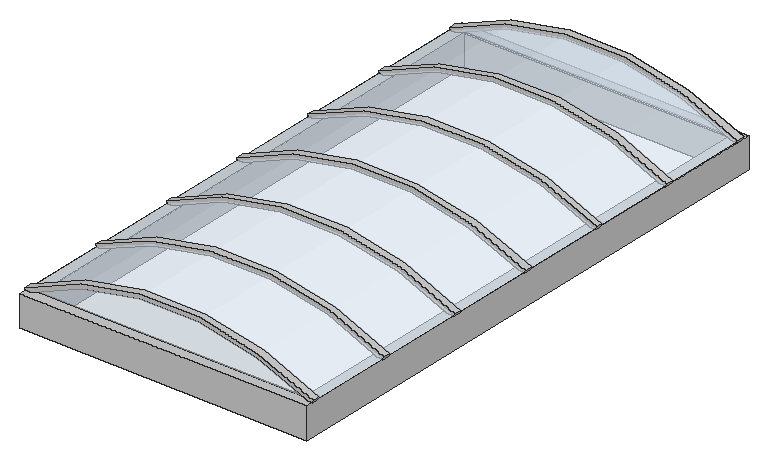
Revit family "48PM_Win_Skylight_Arc", category Windows, host Roof, Revit 2022
Family settings
  Host = Roof
  Always vertical = No
  Cut with Voids When Loaded = No
  Shared = No
  Room Calculation Point = Yes
Parameters (values of type "SK-06 3000x6000")
  Width = 3000 mm
  Type Comments = "SKYLIGHTS WITH POLYCARBONATE INFILL"
  Sill Material = PM_Doors_Metal_Handles
  Rough Width = Width  # 3000 mm
  Rough Height = Height  # 6000 mm
  RL_Mullion_No = Length / 1000 mm + 1  # 7
  Number of Side Vent Modules = 1
  Number of Center Vent Modules = 2
  Module Width = Length / (RL_Mullion_No - 1)  # 1000 mm
  Model = "PROLIGHT"
  Manufacturer = "MERCOR"
  MP_Ventilation = no
  MP_Type Mark = "SK-03"
  MP_Smoke release = "NIE DOTYCZY / N.A."
  MP_Remarks = "PODSTAWA: zaizolowana termicznie wełną mineralną o grubości 5,0cm / BASE: thermally insulated 5,0cm thick mineral wool"
  MP_Reaction to fire_class = "Broof(t1)"
  MP_Mounting = "Do podkonstrukcji stalowej / to subconstruction"
  MP_Infill = "Wypełnienie wielowarstwowe: płyta PCA16 + NRO + PP + płyta PCA10 / Multi course glazing: PCA10 + non-spreading fire band + PP + PCA10"
  MP_Fall protection = "Siatka od spodu i punkty asekuracji wg specyfikacji / mesh from bottom and fixed safety pots on roof acc. to spec."
  MP_Equipment = "NIE DOTYCZY / N.A."
  MP_Description = ""
  MP_Count = 1
  MP_Base type = "PIONOWA / STRAIGHT"
  MP_Base material = "Blacha stalowa ocynkowana, malowana od wewnątrz na kolor RAL9010(Reinweiss) / Galvanized steel sheet, painted inside in RAL9010 (Reinweiss)"
  MP_Base height = 750 mm
  MP_Aeration = "NIE DOTYCZY / N.A."
  MP_Acz_text = "NIE DOTYCZY / N.A."
  MP_Actuator type = "NIE DOTYCZY / N.A."
  Length = 6000 mm
  Legend_vis = no
  Keynote = "A15"
  Invisible Line Length [instance] = 5000 mm
  Height = Length  # 6000 mm
  Glass Material = PM_Glass_Ext_Skylight
  Front Vent Visibility = no
  Frame Material = PM_Doors_Metal_Handles
  Dimention Side Ventilation = Module Width * Number of Side Vent Modules  # 1000 mm
  Dimention Center Ventilation = Module Width * Number of Center Vent Modules  # 2000 mm
  Description = "ŚWIETLIKI DACHOWE Z WYPEŁNIENIEM Z POLIWĘGLANU"
  Define Thermal Properties by = Schematic Type
  Cost Zone = ""
  Construction Type = "Skylight Aluminium"
  Center Vent Visibility = no
  Cell width [instance] = 120 mm
  Back Vent Visibility = no
  Assembly Code = "A15"
  ArcRadius = 2800 mm
  ArcLength = 2240 mm
  Angle Slope = 30.00°
  Analytic Construction = "<None>"
  48PM_U Value Text = "0.93 W/(m²·K)"
  48PM_U Value = 1.0000 W/(m²·K)
  48PM_SD_Zone = "SD-K6"
  48PM_Acz = 0.00 m²
Types (6, lengths in mm): name | Width | Rough Width | Rough Height | RL_Mullion_No | Module Width | MP_Type Mark | MP_Acz_text | Length | Height | Dimention Side Ventilation | Dimention Center Ventilation | ArcRadius | 48PM_SD_Zone
  SK-04 2400x3600 | 2400 | 2400 | 3600 | 5 | 900 | "SK-04" | "" | 3600 | 3600 | 900 | 1800 | 2400 | "SD-K4"
  SK-03 2800x8000 | 2800 | 2800 | 8000 | 9 | 1000 | "SK-03" | "" | 8000 | 8000 | 1000 | 2000 | 2800 | "SD-K3"
  SK-01 3600x13200 | 3600 | 3600 | 13200 | 14 | 1015.385 | "SK-03" | "" | 13200 | 13200 | 1015.385 | 2030.769 | 3600 | "SD-K1"
  SK-02 3600x6000 | 3600 | 3600 | 6000 | 7 | 1000 | "SK-02" | "" | 6000 | 6000 | 1000 | 2000 | 3600 | "SD-K2"
  SK-06 3000x6000 | 3000 | 3000 | 6000 | 7 | 1000 | "SK-03" | "NIE DOTYCZY / N.A." | 6000 | 6000 | 1000 | 2000 | 2800 | "SD-K6"
  SK-05 2800x7000 | 2800 | 2800 | 7000 | 8 | 1000 | "SK-03" | "" | 7000 | 7000 | 1000 | 2000 | 2800 | "SD-K5"
Reference planes
  plane 1 "Center (Front/Back)": y = 0
  plane 2 "Roof": z = 4000
  plane 3 "Center (Left/Right)": x = 0
  plane 4 "FrontGlass": y = -3000
  plane 5 "RearGlass": y = 3000
  plane 6: z = 4735
  plane 7: x = -1500
  plane 8: x = 1500
  plane 9: x = -1620
  plane 10: x = 1620
  plane 11: y = 2000
  plane 12: y = -2000
  plane 13: x = -1450
  plane 14: x = 1450
  plane 15: y = 2050
  plane 16: y = 2950
  plane 17: y = -2050
  plane 18: y = -2950
  plane 19: y = 1000
  plane 20: y = -1000
  plane 21: y = -950
  plane 22: y = 950
  plane 23 "Plaszczyzna symboli": z = 5235
  plane 24 "2": y = -4200
  plane 25: x = 0
Forms (mm)
  Sweep 1, solid, material "PM_Doors_Metal_Handles" <- "Sill Material"
    path origin (0, 0, 4000) x (1, 0, 0) y (0, 1, 0)
      loop
        line (1500, 3000) -> (-1500, 3000) -> (-1500, -3000) -> (1500, -3000) -> (1500, 3000)
    profile origin (1500, 0, 4000) x (1, 0, 0) y (0, 0, 1)
      loop
        line (0, 385) -> (120, 385) -> (120, 735) -> (0, 735) -> (0, 385)
  Sweep 2, solid, material "PM_Glass_Ext_Skylight" <- "Glass Material"
    path origin (0, 0, 0) x (1, 0, 0) y (0, 0, 1)
      loop
        arc (-1620, 4735) -> (0, 5125.214) -> (1620, 4735) r 3557.88
    profile origin (0, 0, 5125.214) x (0, 0, 1) y (0, -1, 0)
      loop
        line (0, -3000) -> (0, 3000) -> (-15, 3000) -> (-15, -3000) -> (0, -3000)
  Extrusion 3, solid, material "PM_Glass_Ext_Skylight" <- "Glass Material"
    sketch origin (0, 3000, 0) x (0, 0, -1) y (-1, 0, 0)
      loop
        arc (-4735, 1620) -> (-5125.214, 0) -> (-4735, -1620) r 3557.88
        line (-4735, -1620) -> (-4735, 1620)
    from 0 to 15
  Extrusion 4, solid, material "PM_Glass_Ext_Skylight" <- "Glass Material"
    sketch origin (-5800, -3000, 5200) x (-1, 0, 0) y (0, 0, 1)
      loop
        arc (-4180, -465) -> (-5800, -74.786) -> (-7420, -465) r 3557.88
        line (-7420, -465) -> (-4180, -465)
    from 0 to -15
Lines and regions (mm)
  Opening 1
    outline origin (0, 0, 4385) x (0, 1, 0) y (-1, 0, 0)
      loop
        line (3000, 1500) -> (-3000, 1500) -> (-3000, -1500) -> (3000, -1500) -> (3000, 1500)
  model lines, style "WindowsOpeningProjection"
    curve 1: line (1500, -3000, 4000) -> (-1500, -3000, 4000)
    curve 2: line (1500, 3000, 4000) -> (1500, -3000, 4000)
    curve 3: line (-1500, 3000, 4000) -> (1500, 3000, 4000)
    curve 4: line (-1500, -3000, 4000) -> (-1500, 3000, 4000)
    curve 5: line (-1500, -3000, 4000) -> (1500, 3000, 4000)
    curve 6: line (-1500, 3000, 4000) -> (1500, -3000, 4000)
  model lines, style "InvisibleLines"
    curve 7: line (0, 0, 4000) -> (0, 0, -1000)
  model lines, style "Skylight Ventilation", visible <- "Back Vent Visibility"
    curve 8: line (-1450, 2950, 5235) -> (1450, 2050, 5235)
    curve 9: line (1450, 2950, 5235) -> (-1450, 2050, 5235)
    curve 10: line (-1450, 2950, 5235) -> (1450, 2950, 5235)
    curve 11: line (1450, 2050, 5235) -> (1450, 2950, 5235)
    curve 12: line (-1450, 2050, 5235) -> (1450, 2050, 5235)
    curve 13: line (-1450, 2050, 5235) -> (-1450, 2950, 5235)
  model lines, style "Skylight Ventilation", visible <- "Front Vent Visibility"
    curve 14: line (-1450, -2950, 5235) -> (1450, -2050, 5235)
    curve 15: line (1450, -2950, 5235) -> (-1450, -2050, 5235)
    curve 16: line (-1450, -2950, 5235) -> (1450, -2950, 5235)
    curve 17: line (1450, -2050, 5235) -> (1450, -2950, 5235)
    curve 18: line (-1450, -2050, 5235) -> (1450, -2050, 5235)
    curve 19: line (-1450, -2050, 5235) -> (-1450, -2950, 5235)
  model lines, style "Skylight Ventilation", visible <- "Center Vent Visibility"
    curve 20: line (-1450, 950, 5235) -> (1450, 950, 5235)
    curve 21: line (-1450, -950, 5235) -> (-1450, 950, 5235)
    curve 22: line (-1450, -950, 5235) -> (1450, -950, 5235)
    curve 23: line (1450, -950, 5235) -> (1450, 950, 5235)
    curve 24: line (-1450, 950, 5235) -> (1450, -950, 5235)
    curve 25: line (1450, 950, 5235) -> (-1450, -950, 5235)
Dimensions and locks
  equal spacing: host sketch curve, plane 3 "Center (Left/Right)", host sketch curve
  equal spacing: host sketch curve, plane 1 "Center (Front/Back)", host sketch curve
  host roof to host roof = 385 mm
  "Length": Sweep 2 sketch curve to Sweep 2 sketch curve
  equal spacing: Sweep 2 sketch curve, plane 1 "Center (Front/Back)", Sweep 2 sketch curve
  plane 1 "Center (Front/Back)" to plane 4 "FrontGlass" = 3000 mm
  plane 5 "RearGlass" to plane 1 "Center (Front/Back)" = 3000 mm
  Extrusion 3 to plane 5 "RearGlass" = 15 mm
  locked: plane 6 to host roof at 350
  equal spacing: plane 7, plane 3 "Center (Left/Right)", plane 8
  "Width": plane 7 to plane 8
  locked: plane 10 to plane 8 at 120
  locked: plane 9 to plane 7 at 120
  "Length": plane 5 "RearGlass" to plane 4 "FrontGlass"
  equal spacing: plane 5 "RearGlass", plane 1 "Center (Front/Back)", plane 4 "FrontGlass"
  equal spacing: group 1, group 3, group 4, group 5, group 6, group 7, group 2  (x3)
  "Invisible Line Length": curve 7 to curve 7
  "Dimention Side Ventilation": plane 5 "RearGlass" to plane 11
  "Dimention Side Ventilation": plane 12 to plane 4 "FrontGlass"
  locked: plane 7 to plane 13 at 50
  locked: plane 14 to plane 8 at 50
  locked: plane 5 "RearGlass" to plane 16 at 50
  locked: plane 15 to plane 11 at 50
  locked: plane 12 to plane 17 at 50
  locked: plane 4 "FrontGlass" to plane 18 at 50
  locked: plane 19 to plane 22 at 50
  locked: plane 21 to plane 20 at 50
  equal spacing: plane 19, plane 1 "Center (Front/Back)", plane 20
  "Dimention Center Ventilation": plane 19 to plane 20
  plane 23 "Plaszczyzna symboli" to plane 6 = 500 mm
  locked: plane 4 "FrontGlass" to plane 24 "2" at 1200
  aligned and locked: level to plane 2 "Roof"
  aligned and locked: Sweep 1 sketch curve to plane 5 "RearGlass"
  aligned and locked: Sweep 1 sketch curve to plane 4 "FrontGlass"
  aligned and locked: plane 3 "Center (Left/Right)" to nested 1
  aligned and locked: nested 1 to plane 4 "FrontGlass"
  aligned and locked: nested 2 to plane 5 "RearGlass"
  aligned and locked: curve 1 to Sweep 1
  aligned and locked: curve 2 to Sweep 1
  aligned and locked: curve 3 to Sweep 1
  aligned and locked: curve 4 to Sweep 1
  aligned and locked: curve 7 to plane 1 "Center (Front/Back)"
  aligned and locked: curve 7 to plane 3 "Center (Left/Right)"
  aligned and locked: plane 2 "Roof" to curve 7
  aligned and locked: plane 6 to nested 2
  aligned and locked: plane 6 to nested 1
  aligned and locked: plane 14 to curve 9
  aligned and locked: plane 13 to curve 8
  aligned and locked: curve 10 to plane 16
  aligned and locked: curve 11 to plane 14
  aligned and locked: curve 12 to plane 15
  aligned and locked: curve 13 to plane 13
  aligned and locked: plane 17 to curve 18
  aligned and locked: plane 14 to curve 17
  aligned and locked: plane 13 to curve 19
  aligned and locked: plane 18 to curve 16
  aligned and locked: curve 20 to plane 22
  aligned and locked: curve 21 to plane 13
  aligned and locked: curve 22 to plane 21
  aligned and locked: curve 23 to plane 14
  aligned and locked: Extrusion 4 sketch curve to Sweep 2
  aligned and locked: host roof to Sweep 1 sketch curve
  aligned and locked: Opening 1 sketch curve to plane 5 "RearGlass"
  aligned and locked: Opening 1 sketch curve to plane 4 "FrontGlass"
  aligned and locked: Opening 1 sketch curve to plane 7
  aligned and locked: plane 8 to Opening 1 sketch curve
  aligned and locked: nested 6 to plane 24 "2"
  aligned and locked: nested 6 to plane 3 "Center (Left/Right)"
Automatic sketch dimensions
  Sweep 1 sketch curve to plane 7 = 0 mm
  Sweep 1 sketch curve to plane 8 = 0 mm
  Sweep 2 sketch curve to plane 6 = 0 mm  (x2)
  plane 9 to Sweep 2 sketch curve = 0 mm
  Sweep 2 sketch curve to plane 3 "Center (Left/Right)" = 0 mm
  level to Sweep 2 sketch curve = 1567.334 mm
  Extrusion 4 sketch curve to plane 6 = 0 mm
  level to Extrusion 3 sketch curve = 1567.334 mm
  Extrusion 3 sketch curve to plane 6 = 0 mm
  plane 10 to Extrusion 3 sketch curve = 0 mm
  Extrusion 3 sketch curve to plane 3 "Center (Left/Right)" = 0 mm
  profile plane to Sweep 1 sketch curve = 0 mm
  Sweep 1 sketch curve to profile plane = 120 mm
  Sweep 1 sketch curve to Sweep 1 sketch curve = 350 mm
  profile plane to Sweep 2 sketch curve = 0 mm
  Sweep 2 sketch curve to Sweep 2 sketch curve = 15 mm
Nested families
  nested 1: "Mullion" at (53.538, -3000, 0), type "Mullion"
  nested 2: "Mullion" at (53.538, 3000, 0), type "Mullion"
  nested 3: "Mullion" at (53.538, -2000, 0), type "Mullion"
  nested 4: "Mullion" at (53.538, -1000, 0), type "Mullion"
  nested 5: "Mullion" at (53.538, 0, 0), type "Mullion"
  nested 6: "MP_Windows_legend" at (0, -4200, 4000), Legend_vis <- "Legend_vis", Cell width <- "Cell width", MP_Count <- "MP_Count", type "MP_Windows_legend"
    with MP_Count 1, Legend_vis no, Cell width 120 mm
  nested 7: "Mullion" at (53.538, 1000, 0), type "Mullion"
  nested 8: "Mullion" at (53.538, 2000, 0), type "Mullion"
Definition of nested family "Mullion"
  Parameters (values of type "Mullion")
    Width = 3000 mm
    PM - Mullion Material = none
    Arc Radius = 3451.233 mm
    Analytic Construction = "<None>"
  Reference planes
    plane 1: y = 0
    plane 2: x = -53.538
    plane 3: x = -1553.538
    plane 4: x = 1446.462
    plane 5: x = -53.538
    plane 6: z = 4400
    plane 7: z = 4000
    plane 8: z = 4735
    plane 9: x = -1673.538
    plane 10: x = 1566.462
  Forms (mm)
    Sweep 1, solid, material <- "PM - Mullion Material"
      path origin (-1524, 0, 0) x (1, 0, 0) y (0, 0, 1)
        loop
          arc (-149.538, 4735) -> (1470.462, 5138.839) -> (3090.462, 4735) r 3451.233
      profile origin (-53.538, 0, 5138.839) x (0, 0, 1) y (0, -1, 0)
        loop
          line (25, 40) -> (-25, 40) -> (-25, -40) -> (25, -40) -> (25, 40)
  Lines and regions (mm)
    reference lines
      curve 1: arc (-1673.538, 0, 4735) -> (-53.538, 0, 5138.839) -> (1566.462, 0, 4735) r 3451.233
  Dimensions and locks
    "Width": plane 4 to plane 3
    locked: plane 3 to plane 9 at 120
    locked: plane 10 to plane 4 at 120
    equal spacing: plane 4, plane 2, plane 3
    "Arc Radius": radius of curve 1
    aligned and locked: Sweep 1 sketch curve to curve 1
    aligned and locked: plane 9 to curve 1
    aligned and locked: plane 8 to curve 1  (x2)
    aligned and locked: plane 10 to curve 1
  Automatic sketch dimensions
    Sweep 1 sketch curve to plane 8 = 0 mm  (x2)
    profile plane to Sweep 1 sketch curve = 25 mm
    Sweep 1 sketch curve to profile plane = 25 mm
    Sweep 1 sketch curve to plane 1 = 40 mm
    plane 1 to Sweep 1 sketch curve = 40 mm
Definition of nested family "MP_Windows_legend"
  Parameters (values of type "MP_Windows_legend")
    _Width = 3000 mm
    _Height = 6000 mm
    MP_Ventilation = no
    MP_Type comments = "SKYLIGHTS WITH POLYCARBONATE INFILL"
    MP_Type Mark = "SK-03"
    MP_Smoke release = "NIE DOTYCZY / N.A."
    MP_Remarks = "PODSTAWA: zaizolowana termicznie wełną mineralną o grubości 5,0cm / BASE: thermally insulated 5,0cm thick mineral wool"
    MP_Reaction to fire_class = "Broof(t1)"
    MP_Mounting = "Do podkonstrukcji stalowej / to subconstruction"
    MP_Model = "PROLIGHT"
    MP_Manufacturer = "MERCOR"
    MP_Infill = "Wypełnienie wielowarstwowe: płyta PCA16 + NRO + PP + płyta PCA10 / Multi course glazing: PCA10 + non-spreading fire band + PP + PCA10"
    MP_Fall protection = "Siatka od spodu i punkty asekuracji wg specyfikacji / mesh from bottom and fixed safety pots on roof acc. to spec."
    MP_Equipment = "NIE DOTYCZY / N.A."
    MP_Design Stage = ""
    MP_Description_ = "ŚWIETLIKI DACHOWE Z WYPEŁNIENIEM Z POLIWĘGLANU"
    MP_Description = ""
    MP_Count [instance] = 0
    MP_Base type = "PIONOWA / STRAIGHT"
    MP_Base material = "Blacha stalowa ocynkowana, malowana od wewnątrz na kolor RAL9010(Reinweiss) / Galvanized steel sheet, painted inside in RAL9010 (Reinweiss)"
    MP_Base height = 750 mm
    MP_Aeration = "NIE DOTYCZY / N.A."
    MP_Acz_text = ""
    MP_Actuator type = "NIE DOTYCZY / N.A."
    Legend_vis [instance] = no
    Cost Zone = ""
    Cell width [instance] = 120 mm
    48PM_U Value Text = "0.93 W/(m²·K)"
    48PM_SD_Zone = "SD-K6"
    48PM_Acz = 0.00 m²
  Reference planes
    plane 1: y = 0
    plane 2: x = 0
  Lines and regions (mm)
    detail lines
      curve 1: line (-60, 0, 0) -> (60, 0, 0)
      curve 2: line (-60, -12, 0) -> (60, -12, 0)
      curve 3: line (-60, -12, 0) -> (-60, 0, 0)
      curve 4: line (60, 0, 0) -> (60, -12, 0)
      curve 5: line (-60, -24, 0) -> (60, -24, 0)
      curve 6: line (-60, -24, 0) -> (-60, -12, 0)
      curve 7: line (60, -12, 0) -> (60, -24, 0)
      curve 8: line (-60, -66, 0) -> (60, -66, 0)
      curve 9: line (-60, -66, 0) -> (-60, -24, 0)
      curve 10: line (60, -24, 0) -> (60, -66, 0)
      curve 11: line (-60, -92.8, 0) -> (60, -92.8, 0)
      curve 12: line (-60, -92.8, 0) -> (-60, -66, 0)
      curve 13: line (60, -66, 0) -> (60, -92.8, 0)
      curve 14: line (-60, -107.6, 0) -> (60, -107.6, 0)
      curve 15: line (-60, -107.6, 0) -> (-60, -92.8, 0)
      curve 16: line (60, -92.8, 0) -> (60, -107.6, 0)
      curve 17: line (-60, -131.6, 0) -> (60, -131.6, 0)
      curve 18: line (-60, -131.6, 0) -> (-60, -107.6, 0)
      curve 19: line (60, -107.6, 0) -> (60, -131.6, 0)
      curve 20: line (-60, -155.6, 0) -> (60, -155.6, 0)
      curve 21: line (-60, -155.6, 0) -> (-60, -131.6, 0)
      curve 22: line (60, -131.6, 0) -> (60, -155.6, 0)
      curve 23: line (-60, -197.6, 0) -> (60, -197.6, 0)
      curve 24: line (-60, -197.6, 0) -> (-60, -155.6, 0)
      curve 25: line (60, -155.6, 0) -> (60, -197.6, 0)
      curve 26: line (-60, -209.6, 0) -> (60, -209.6, 0)
      curve 27: line (-60, -209.6, 0) -> (-60, -197.6, 0)
      curve 28: line (60, -197.6, 0) -> (60, -209.6, 0)
      curve 29: line (-60, -256.6, 0) -> (60, -256.6, 0)
      curve 30: line (-60, -256.6, 0) -> (-60, -209.6, 0)
      curve 31: line (60, -209.6, 0) -> (60, -256.6, 0)
      curve 32: line (-60, -268.6, 0) -> (60, -268.6, 0)
      curve 33: line (-60, -268.6, 0) -> (-60, -256.6, 0)
      curve 34: line (60, -256.6, 0) -> (60, -268.6, 0)
      curve 35: line (-60, -280.6, 0) -> (60, -280.6, 0)
      curve 36: line (-60, -280.6, 0) -> (-60, -268.6, 0)
      curve 37: line (60, -268.6, 0) -> (60, -280.6, 0)
      curve 38: line (-60, -299.6, 0) -> (60, -299.6, 0)
      curve 39: line (-60, -299.6, 0) -> (-60, -280.6, 0)
      curve 40: line (60, -280.6, 0) -> (60, -299.6, 0)
      curve 41: line (-60, -78, 0) -> (60, -78, 0)
      curve 42: line (-60, -239.6, 0) -> (60, -239.6, 0)
      curve 43: line (-60, -227.6, 0) -> (60, -227.6, 0)
      curve 44: line (-60, -42, 0) -> (60, -42, 0)
      curve 45: line (-60, -54, 0) -> (60, -54, 0)
  Text (mm)
    label "1500 x  2000" at (1.358, -18.209, 0), shows "_Width", "_Height"
    label "NIE DOTYCZY / N.A." at (1.358, -33.118, 0), shows "MP_Acz_text"
    label "1.1000" at (1.358, -71.959, 0), shows "48PM_U Value Text"
    label "fnwevouwergvdnsithnfgjv jasdnhwaglvbdebsjahbgbnvjkdsbnfcsevbretgazehb weatzgh" at (1.358, -283.179, 0), shows "MP_Remarks"
    label "MP_Manufacturer" at (1.358, -262.472, 0), shows "MP_Manufacturer"
    label "MP_Model" at (1.358, -274.91, 0), shows "MP_Model"
    text "\t\tILOŚĆ / AMOUNT" at (-68.871, -5.699, 0), not visible
    text "CLEAR DIMENSION (WxL) / WYMIAR W ŚWIETLE (mm)" at (-68.871, -18.209, 0), not visible
    text "POWIERZCHNIA CZYNNA ODDYMIANIA Acz / ACTIVE EXHAUST AREA Acz (m2)" at (-68.871, -32.084, 0), not visible
    text "IZOLACYJNOŚĆ TERMICZNA / U VALUE" at (-68.871, -72.084, 0), not visible
    text "WYSOKOŚĆ PODSTAWY / BASE HEIGHT (mm)" at (-68.871, -100.764, 0), not visible
    text "MATERIAŁ PODSTAWY /   BASE MATERIAL" at (-68.871, -118.419, 0), not visible
    text "KLASA REAKCJI NA OGIEŃ (zgodnie z PN - EN 13501-1) / REACTION TO FIRE TEST CLASSIFICATION" at (-68.871, -144.799, 0), not visible
    text "WYPEŁNIENIE / INFILL" at (-68.871, -162.111, 0), not visible
    text "MOCOWANIE / MOUNTING" at (-68.871, -203.299, 0), not visible
    text "ZABIEZPIECZENIE PRZED UPADKIEM / FALL PROTECTION" at (-68.871, -247.424, 0), not visible
    text "PRODUCENT / MANUFACTURER" at (-68.871, -261.674, 0), not visible
    text "MODEL / MODEL" at (-68.871, -273.967, 0), not visible
    text "UWAGI/ REMARKS" at (-68.871, -287.549, 0), not visible
    text "TYP PODSTAWY / BASE TYPE" at (-68.871, -85.339, 0), not visible
    text "TYP SIŁOWNIKA / ACTUATOR TYPE" at (-68.871, -217.799, 0), not visible
    text "WYPOSAŻENIE / EQUIPMENT" at (-68.871, -233.299, 0), not visible
    label "MP_Smoke release" at (1.358, -47.959, 0), shows "MP_Smoke release"
    text "WYZWALANIE ODDYMIANIA / SMOKE RELEASE" at (-68.871, -48.084, 0), not visible
    label "MP_Ventilation" at (1.358, -59.959, 0), shows "MP_Ventilation"
    text "FUNKCJA PRZEWIETRZANIA / VENTILATION" at (-68.871, -60.084, 0), not visible
    label "MP_Base type" at (1.358, -85.209, 0), shows "MP_Base type"
    label "MP_Base height" at (1.358, -100.009, 0), shows "MP_Base height"
    label "MP_Base material" at (1.358, -111.179, 0), shows "MP_Base material"
    label "MP_Reaction to fire_class" at (1.358, -133.929, 0), shows "MP_Reaction to fire_class"
    label "MP_Infill" at (1.358, -157.929, 0), shows "MP_Infill"
    label "MP_Mounting" at (1.358, -203.559, 0), shows "MP_Mounting"
    label "MP_Actuator type" at (1.358, -211.929, 0), shows "MP_Actuator type"
    label "MP_Equipment" at (1.358, -233.559, 0), shows "MP_Equipment"
    label "MP_Fall protection" at (1.358, -248.059, 0), shows "MP_Fall protection"
  Dimensions and locks
    equal spacing: curve 3, plane 2, curve 4
    "Cell width": curve 3 to curve 4
    aligned and locked: plane 1 to curve 1
  Automatic sketch dimensions
    plane 1 to curve 6 = 12 mm
    curve 5 to curve 2 = 12 mm
    curve 12 to curve 5 = 42 mm
    curve 15 to curve 8 = 26.8 mm
    curve 19 to curve 11 = 14.8 mm
    curve 18 to curve 14 = 24 mm
    curve 25 to curve 17 = 24 mm
    curve 23 to curve 20 = 42 mm
    curve 26 to curve 23 = 12 mm
    curve 31 to curve 26 = 47 mm
    curve 36 to curve 29 = 12 mm
    curve 37 to curve 32 = 12 mm
    curve 39 to curve 35 = 19 mm
    curve 44 to curve 5 = 18 mm
    curve 8 to curve 45 = 12 mm
    curve 41 to curve 8 = 12 mm
    curve 43 to curve 26 = 18 mm
    curve 42 to curve 43 = 12 mm
